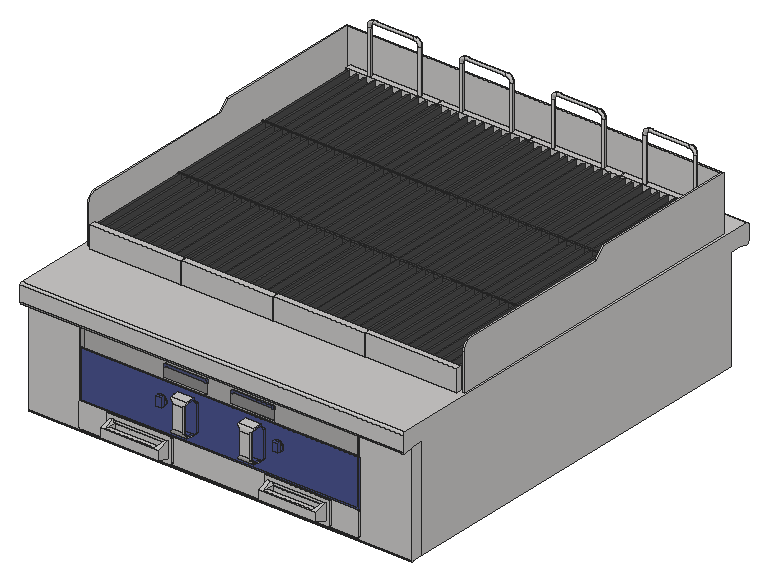
Revit family "QF_ELECTROLUXPROFESSIONAL_593300_MCDAAADOVO", category Specialty Equipment, Revit 2018
Family settings
  Round Connector Dimension = Use Diameter
  Part Type = Normal
  Work Plane-Based = No
  Always vertical = Yes
  Cut with Voids When Loaded = No
  Shared = No
  Room Calculation Point = No
Parameters (values of type "Standard")
  Weight = 65.00 kg
  Watts = 0 W
  Volts = 0 V
  URL Manufacturer = "http://professional.electrolux.com"
  URL = "http://professional.electrolux.com"
  Steam Supply Size = 0"
  Steam Supply Minimum Pressure = 0.00 psi
  Steam Supply Maximum Pressure = 0.00 psi
  Steam Pounds per Hour = 0
  Show Clearance [instance] = yes
  Refrigeration Suction Line Size = 0 mm
  Refrigeration Liquid Line Size = 0 mm
  Refrigerant Compressor Remote = yes
  Phase = 0
  Model = "MCDAAADOVO"
  Manufacturer = "Electrolux Professional"
  Length Actual = 400 mm  # constant formula
  Item Number = "593300"
  Hot Water Size = 0"
  Height Actual = 250 mm  # constant formula
  HP = "0 HP"
  Gas Size = 1/2"
  Gas KW = 9.5
  Gas Input Pressure = 0.776646 Btu/h
  Direct Waste Size = 0"
  Description = "GAS CHARGRILL,TOWNGAS,1S,400X900X250H"
  Depth Actual = 900 mm  # constant formula
  Cycle = 0 Hz
  Condensate Return Size = 0"
  Compressed Air Volume = 0 GPM
  Compressed Air Size = 0"
  Compressed Air Pressure = 0.00 psi
  Cold Water Size = 0"
  Accessory = yes
Reference planes
  plane 1 "BACK": y = 0
  plane 2: z = 0
  plane 3 "LEFT": x = 0
  plane 4 "RIGHT": x = 800
  plane 5 "FRONT": y = -900
  plane 6 "TOP": z = 250
  plane 7: x = 400
  plane 8: y = -450
  plane 9: y = -1330
Forms (mm)
  Extrusion 1, solid, material "QF_Finishes_Stainless Steel"
    sketch origin (0, -487.128, 0) x (0, 1, 0) y (0, 0, 1)
      loop
        line (483.128, 250) -> (-408.872, 250)
        arc (-408.872, 250) -> (-411.7, 248.828) -> (-412.872, 246) r 4
        line (-412.872, 246) -> (-412.872, 214)
        arc (-412.872, 214) -> (-411.443, 210.936) -> (-408.177, 210.061) r 4
        line (-408.177, 210.061) -> (-391.509, 213) -> (-366.872, 213) -> (-366.872, 0) -> (441.128, 0) -> (441.128, 213) -> (465.765, 213) -> (482.433, 210.061)
        arc (482.433, 210.061) -> (485.699, 210.936) -> (487.128, 214) r 4
        line (487.128, 214) -> (487.128, 246)
        arc (487.128, 246) -> (485.956, 248.828) -> (483.128, 250) r 4
    from 0 to 800
  Extrusion 2, solid, material "QF_Finishes_Stainless Steel"
    sketch origin (0, -854, 0) x (1, 0, 0) y (0, -1, 0)
      loop
        circle (760, -264) r 6.35
    from 0 to 3.2
  Extrusion 3, solid, material "QF_Clearances", visible <- "Show Clearance", detail levels coarse
    sketch origin (-178.969, -4572, 0) x (-1, 0, 0) y (0, -1, 0)
      loop
        line (-26.969, -3672) -> (-178.969, -3672) -> (-178.969, -4572) -> (-978.969, -4572) -> (-978.969, -3672) -> (-1130.969, -3672) -> (-1130.969, -4775) -> (-26.969, -4775) -> (-26.969, -3672)
    from 0 to 250
  Extrusion 4, solid, material "QF_Door-Drawer Clearances", visible <- "Show Clearance", detail levels coarse
    sketch origin (437.31, -881.593, 8.62) x (0, 0, 1) y (-1, 0, 0)
      loop
        line (1.973, -254.69) -> (49.317, -254.69)
        arc (49.317, -254.69) -> (50.776, -254.086) -> (51.38, -252.627) r 2.063
        line (51.38, -252.627) -> (51.38, 326.457)
        arc (51.38, 326.457) -> (50.88, 328.154) -> (49.541, 329.31) r 3.133
        line (49.541, 329.31) -> (3.067, 329.31)
        arc (3.067, 329.31) -> (0.898, 328.412) -> (0, 326.243) r 3.067
        line (0, 326.243) -> (0, -252.717)
        arc (0, -252.717) -> (0.578, -254.112) -> (1.973, -254.69) r 1.973
    from 0 to 448.407
Lines and regions (mm)
  symbolic lines
    curve 1: line (0, 0, 0) -> (800, 0, 0)
    curve 2: line (0, -900, 0) -> (0, 0, 0)
    curve 3: line (800, -900, 0) -> (0, -900, 0)
    curve 4: line (800, 0, 0) -> (800, -900, 0)
  symbolic lines, style "QF_Clearances", visible <- "Show Clearance", detail levels coarse
    curve 5: line (-152, 203, 0) -> (-152, -900, 0)
    curve 6: line (952, 203, 0) -> (-152, 203, 0)
    curve 7: line (952, -900, 0) -> (952, 203, 0)
  symbolic lines, style "QF_Door-Drawer Clearances"
    curve 8: line (108, -900, 0) -> (108, -1330, 0)
    curve 9: line (108, -1330, 0) -> (692, -1330, 0)
    curve 10: line (692, -1330, 0) -> (692, -900, 0)
Dimensions and locks
  plane 3 "LEFT" to plane 4 "RIGHT" = 800 mm
  plane 5 "FRONT" to plane 1 "BACK" = 900 mm
  equal spacing: plane 3 "LEFT", plane 7, plane 4 "RIGHT"
  equal spacing: plane 5 "FRONT", plane 8, plane 1 "BACK"
  plane 6 "TOP" to level = 250 mm  (x2)
  plane 1 "BACK" to plane 5 "FRONT" = 900 mm
  Extrusion 2 sketch curve to plane 1 "BACK" = 590 mm
  Extrusion 2 sketch curve to plane 4 "RIGHT" = 40 mm
  Extrusion 3 to plane 3 "LEFT" = 152 mm
  locked: plane 4 "RIGHT" to Extrusion 3 at 152
  plane 1 "BACK" to Extrusion 3 = 203 mm
  plane 9 to plane 5 "FRONT" = 430 mm
  aligned and locked: level to plane 2
  aligned and locked: plane 6 "TOP" to Extrusion 3
  aligned and locked: Extrusion 1 to plane 4 "RIGHT"
  aligned and locked: plane 7 to nested 1
Automatic sketch dimensions
  Extrusion 1 sketch curve to plane 5 "FRONT" = 0 mm
  Extrusion 1 sketch curve to plane 6 "TOP" = 0 mm
  Extrusion 1 sketch curve to level = 0 mm
  Extrusion 1 sketch curve to plane 1 "BACK" = 0 mm
  Extrusion 1 sketch curve to plane 6 "TOP" = 37 mm  (x2)
  Extrusion 1 sketch curve to plane 5 "FRONT" = 4 mm
  Extrusion 1 sketch curve to plane 5 "FRONT" = 21.363 mm
  Extrusion 1 sketch curve to Extrusion 1 sketch curve = 24.637 mm
  plane 1 "BACK" to Extrusion 1 sketch curve = 46 mm
  plane 1 "BACK" to Extrusion 1 sketch curve = 21.363 mm
  plane 1 "BACK" to Extrusion 1 sketch curve = 4 mm  (x2)
  Extrusion 1 sketch curve to Extrusion 1 sketch curve = 4 mm
  Extrusion 1 sketch curve to Extrusion 1 sketch curve = 0.695 mm
  Extrusion 1 sketch curve to Extrusion 1 sketch curve = 0 mm  (x4)
  plane 1 "BACK" to Extrusion 1 sketch curve = 4.695 mm
  Extrusion 1 sketch curve to Extrusion 1 sketch curve = 1 mm  (x2)
  plane 5 "FRONT" to Extrusion 3 sketch curve = 0 mm  (x2)
  plane 1 "BACK" to Extrusion 3 sketch curve = 0 mm
  Extrusion 3 sketch curve to plane 4 "RIGHT" = 0 mm
  Extrusion 3 sketch curve to plane 3 "LEFT" = 0 mm
  Extrusion 3 sketch curve to plane 1 "BACK" = 203 mm
  Extrusion 3 sketch curve to plane 4 "RIGHT" = 152 mm
  Extrusion 3 sketch curve to plane 3 "LEFT" = 152 mm
  curve 4 to plane 4 "RIGHT" = 0 mm
  plane 1 "BACK" to curve 1 = 0 mm
  curve 1 to plane 3 "LEFT" = 0 mm
  plane 5 "FRONT" to curve 4 = 0 mm
  plane 5 "FRONT" to curve 7 = 0 mm
  plane 5 "FRONT" to curve 5 = 0 mm
  curve 6 to plane 4 "RIGHT" = 152 mm
  curve 5 to plane 3 "LEFT" = 152 mm
  curve 7 to plane 1 "BACK" = 203 mm
  plane 5 "FRONT" to curve 8 = 0 mm
  plane 5 "FRONT" to curve 10 = 0 mm
  plane 3 "LEFT" to curve 8 = 108 mm
  plane 4 "RIGHT" to curve 10 = 108 mm
  curve 10 to curve 10 = 430 mm
  level to Extrusion 4 sketch curve = 8.62 mm
  level to Extrusion 4 sketch curve = 57.937 mm
  plane 4 "RIGHT" to Extrusion 4 sketch curve = 108 mm
  Extrusion 4 sketch curve to Extrusion 4 sketch curve = 1.973 mm
  Extrusion 4 sketch curve to Extrusion 4 sketch curve = 3.067 mm
  Extrusion 4 sketch curve to Extrusion 4 sketch curve = 46.474 mm
  Extrusion 4 sketch curve to Extrusion 4 sketch curve = 2.063 mm
  Extrusion 4 sketch curve to Extrusion 4 sketch curve = 1.293 mm
  plane 3 "LEFT" to Extrusion 4 sketch curve = 111.067 mm
  radius of Extrusion 2 sketch curve = 6.35 mm
Nested families
  nested 1: "FMGC_900_800 Front Panel two knobs" at (-200.158, -854, -650), type "FMGC_900_800 Front Panel two knobs"
    with Width 800 mm
  nested 2: "FMGC_900_CharGrill" at (138.888, -5, 0), type "FMGC_900_CharGrill"
    with Width 800 mm, No. of Rails 4, Grill Width 190 mm
Connectors
  piping at (760, -590, -3.2), diameter 12.8
    settings: on Extrusion 2, index 1, connector inside diameter 0.50394", connector length 0 mm, flow factor 0, pipe flow 0 GPM, pressure drop 0.00 psi, fitting loss kfactor 0, connector angle 0.00°, fixture units 0, engagement length 0 mm, angle of deflection 0.00°, flow configuration 1, flow direction 1, fitting loss method 0, system type 7, joint type 0, gender type 0, connector reference index -1, connector utility 0, adjustable connector no, is connector primary yes, connector description "GAS CONNECTION"
Definition of nested family "FMGC_900_800 Front Panel two knobs"
  Parameters
    Width [instance] = 800 mm
    Keynote = ""
  Reference planes
    plane 1 "Center (Front/Back)": y = 0
    plane 2: z = 0
    plane 3 "Center (Left/Right)": x = 200.158
    plane 4: x = 600.158
    plane 5: x = 530.079
    plane 6: x = 670.237
    plane 7: x = 1000.158
  Forms (mm)
    Extrusion 1, void
      sketch origin (1213.217, 829.203, -1.25) x (1, 0, 0) y (0, 0, 1)
        loop
          line (-321.059, 853.25) -> (-905.059, 853.25) -> (-905.059, 711.25) -> (-321.059, 711.25) -> (-321.059, 853.25)
      from 843.409 to 854.203
    Extrusion 2, solid
      sketch origin (1133.217, 829.203, -1.25) x (0, 1, 0) y (0, 0, 1)
        loop
          arc (-854.203, 654.25) -> (-853.324, 652.129) -> (-851.203, 651.25) r 3
          line (-851.203, 651.25) -> (-829.203, 651.25) -> (-829.203, 864.25) -> (-854.203, 864.25) -> (-854.203, 654.25)
      from -933.059 to -133.059
    Extrusion 3, solid
      sketch origin (520.816, -23.053, 847.184) x (0, 0, -1) y (1, 0, 0)
        loop
          circle (77.168, 200.901) r 11
      from 0 to 3.2
    Extrusion 4, solid
      sketch origin (520.816, -26.253, 847.184) x (0, 0, -1) y (1, 0, 0)
        loop
          line (67.962, 195.586) -> (86.297, 195.586) -> (86.297, 206.217) -> (67.962, 206.217) -> (67.962, 195.586)
      from 0 to 6.4
    Extrusion 5, solid
      sketch origin (679.5, -23.053, 847.184) x (0, 0, -1) y (1, 0, 0)
        loop
          circle (77.168, -200.901) r 11
      from 0 to 3.2
    Extrusion 6, solid
      sketch origin (679.5, -26.253, 847.184) x (0, 0, -1) y (1, 0, 0)
        loop
          line (67.962, -195.586) -> (67.962, -206.217) -> (86.297, -206.217) -> (86.297, -195.586) -> (67.962, -195.586)
      from 0 to 6.4
  Cuts and joins
    Extrusion 1 cuts Extrusion 2
  Lines and regions (mm)
    symbolic lines
      curve 1: line (384.141, -54.767, 0) -> (382.563, -46, 0)
      curve 2: line (384.141, -54.767, 0) -> (486.575, -54.767, 0)
      curve 3: line (486.575, -54.767, 0) -> (488.153, -46, 0)
      curve 4: line (713.74, -54.767, 0) -> (712.163, -46, 0)
      curve 5: line (816.175, -54.767, 0) -> (713.74, -54.767, 0)
      curve 6: line (816.175, -54.767, 0) -> (817.752, -46, 0)
      curve 7: line (514.26, -46, 0) -> (519.866, -47.583, 0)
      curve 8: line (519.866, -47.583, 0) -> (540.795, -47.583, 0)
      curve 9: line (540.795, -47.583, 0) -> (545.973, -46, 0)
      curve 10: line (686.055, -46, 0) -> (680.449, -47.583, 0)
      curve 11: line (680.449, -47.583, 0) -> (659.521, -47.583, 0)
      curve 12: line (659.521, -47.583, 0) -> (654.343, -46, 0)
  Dimensions and locks
    equal spacing: plane 7, plane 4, plane 3 "Center (Left/Right)"
    "Width": plane 7 to plane 3 "Center (Left/Right)"
    equal spacing: plane 6, plane 4, plane 5
    Extrusion 1 sketch curve to plane 4 to Extrusion 1 sketch curve = 292 mm locked, 292 mm locked
    aligned and locked: Extrusion 1 to nested 3
    aligned and locked: plane 6 to nested 2
    aligned and locked: cut or joined group of Extrusion 1, Extrusion 2 to plane 7
    aligned and locked: cut or joined group of Extrusion 1, Extrusion 2 to plane 3 "Center (Left/Right)"
  Automatic sketch dimensions
    Extrusion 4 sketch curve to Extrusion 4 sketch curve = 18.335 mm
    Extrusion 4 sketch curve to Extrusion 4 sketch curve = 10.631 mm
    Extrusion 6 sketch curve to Extrusion 6 sketch curve = 18.335 mm
    Extrusion 6 sketch curve to Extrusion 6 sketch curve = 10.631 mm
    plane 1 "Center (Front/Back)" to curve 2 = 54.767 mm
    curve 2 to plane 5 = 145.938 mm
    plane 1 "Center (Front/Back)" to curve 5 = 54.767 mm
    curve 2 to plane 5 = 43.504 mm
    curve 8 to plane 5 = 10.213 mm
    plane 5 to curve 8 = 10.716 mm
    curve 11 to plane 6 = 10.716 mm
    plane 6 to curve 10 = 10.213 mm
    curve 10 to curve 4 = 33.291 mm
    curve 4 to curve 5 = 102.435 mm
    plane 1 "Center (Front/Back)" to curve 1 = 46 mm
    curve 1 to curve 1 = 1.578 mm
    curve 2 to curve 3 = 1.578 mm
    curve 7 to curve 7 = 5.606 mm
    curve 8 to curve 9 = 5.178 mm
    curve 12 to curve 11 = 5.178 mm
    curve 10 to curve 10 = 5.606 mm
    curve 4 to curve 4 = 1.578 mm
    plane 1 "Center (Front/Back)" to curve 6 = 46 mm
    curve 5 to curve 6 = 1.578 mm
    plane 1 "Center (Front/Back)" to curve 12 = 47.583 mm
    plane 1 "Center (Front/Back)" to curve 9 = 47.583 mm
    curve 7 to curve 7 = 1.583 mm
    curve 8 to curve 9 = 1.583 mm
    curve 2 to curve 3 = 8.767 mm
    curve 10 to curve 10 = 1.583 mm
    curve 4 to curve 4 = 8.767 mm
    curve 11 to curve 12 = 1.583 mm
    level to Extrusion 1 sketch curve = 710 mm
    Extrusion 1 sketch curve to Extrusion 1 sketch curve = 142 mm
    Extrusion 2 sketch curve to plane 1 "Center (Front/Back)" = 0 mm
    level to Extrusion 2 sketch curve = 650 mm
    Extrusion 2 sketch curve to Extrusion 2 sketch curve = 22 mm
    Extrusion 2 sketch curve to Extrusion 2 sketch curve = 3 mm
    Extrusion 2 sketch curve to Extrusion 2 sketch curve = 210 mm
    plane 6 to Extrusion 3 sketch curve = 51.48 mm
    level to Extrusion 3 sketch curve = 770.016 mm
    Extrusion 5 sketch curve to plane 5 = 51.48 mm
    level to Extrusion 5 sketch curve = 770.016 mm
    radius of Extrusion 3 sketch curve = 11 mm
    radius of Extrusion 5 sketch curve = 11 mm
  Nested families
    nested 1: "FMGC_Sml  Range Control Handle" at (530.079, -26.645, -204.867), type "FMGC_Sml  Range Control Handle"
    nested 2: "FMGC_Sml  Range Control Handle" at (670.237, -26.645, -204.867), type "FMGC_Sml  Range Control Handle"
    nested 3: "800 Glass Control Pannel with two reads" at (308.158, -26.645, 5.811), type "800 Glass Control Pannel with two reads"
    nested 4: "FMGC_grease trap door" at (892.158, -25, 0.608) x (-1, 0, 0) z (0, 0, 1), type "FMGC_grease trap door"
  Definition of nested family "FMGC_Sml  Range Control Handle"
    Reference planes
      plane 1 "Center (Front/Back)": y = 0
      plane 2: z = 0
      plane 3 "Center (Left/Right)": x = 0
      plane 4: z = 971.092
    Forms (mm)
      Extrusion 1, solid
        sketch origin (-746.28, 380.497, 208.931) x (-1, 0, 0) y (0, 0, 1)
          loop
            line (-770.101, 786.798) -> (-770.101, 731.649)
            arc (-770.101, 731.649) -> (-769.759, 730.563) -> (-768.855, 729.87) r 1.893
            line (-768.855, 729.87) -> (-763.474, 727.911) -> (-729.81, 727.911) -> (-724.428, 729.87)
            arc (-724.428, 729.87) -> (-723.525, 730.563) -> (-723.183, 731.649) r 1.893
            line (-723.183, 731.649) -> (-723.183, 786.798)
            arc (-723.183, 786.798) -> (-723.529, 787.894) -> (-724.44, 788.593) r 1.91
            line (-724.44, 788.593) -> (-729.683, 790.819) -> (-763.601, 790.819) -> (-768.844, 788.593)
            arc (-768.844, 788.593) -> (-769.755, 787.894) -> (-770.101, 786.798) r 1.91
        from -382.35 to -378.852
      Sweep 2, solid
        path origin (-746.788, 380.496, 208.091) x (0, -1, 0) y (0, 0, 1)
          loop
            line (379.775, 793.281) -> (395.661, 791.048)
            arc (395.661, 791.048) -> (397.781, 787.377) -> (398.517, 783.202) r 12.207
            line (398.517, 783.202) -> (398.517, 737.368)
            arc (398.517, 737.368) -> (397.781, 733.193) -> (395.661, 729.522) r 12.207
            line (395.661, 729.522) -> (379.775, 727.289)
        profile origin (-746.788, -7.222, 1000.256) x (0, -0.139173, 0.990268) y (-1, 0, 0)
          loop
            line (0.782, -763.123) -> (0.782, -730.907) -> (-1.322, -730.907) -> (-1.322, -763.123) -> (0.782, -763.123)
      Sweep 3, solid
        path origin (-746.788, 380.715, 207.832) x (0, -1, 0) y (0, 0, 1)
          loop
            line (380.478, 795.442) -> (397.218, 793.09)
            arc (397.218, 793.09) -> (399.929, 788.473) -> (400.871, 783.202) r 15.207
            line (400.871, 783.202) -> (400.871, 737.584)
            arc (400.871, 737.584) -> (399.914, 732.274) -> (397.164, 727.633) r 15.207
            line (397.164, 727.633) -> (380.601, 725.305)
        profile origin (-746.788, -8.132, 1002.099) x (0, -0.139173, 0.990268) y (-1, 0, 0)
          loop
            line (0.782, -763.123) -> (0.782, -730.907) -> (-1.322, -730.907) -> (-1.322, -763.123) -> (0.782, -763.123)
      Extrusion 4, void
        sketch origin (889.253, 220.666, 207.993) x (1, 0, 0) y (0, 0, 1)
          loop
            line (-943.038, 816.854) -> (-943.038, 703.686) -> (-899.466, 734.196) -> (-899.466, 786.344) -> (-943.038, 816.854)
        from 230.636 to 242.25
      Extrusion 5, void
        sketch origin (-888.8, 220.666, 207.993) x (-1, 0, 0) y (0, 0, -1)
          loop
            line (-943.038, -816.854) -> (-899.466, -786.344) -> (-899.466, -734.196) -> (-943.038, -703.686) -> (-943.038, -816.854)
        from 230.636 to 242.25
      Extrusion 6, solid
        sketch origin (0, 0, 0) x (1, 0, 0) y (0, 0, 1)
          loop
            circle (0, 971.092) r 7.736
        from -3.137 to -1.645
    Cuts and joins
      Extrusion 4, Extrusion 5 cuts Sweep 3
      Extrusion 4, Extrusion 5 cuts Sweep 2
      joined: Extrusion 1, Extrusion 6
    Lines and regions (mm)
      symbolic lines
        curve 1: line (23.821, 1.645, 0) -> (-23.097, 1.645, 0)
        curve 2: line (16.334, -1.853, 0) -> (23.821, -1.853, 0)
        curve 3: line (-15.881, -19.189, 0) -> (-15.881, -1.853, 0)
        curve 4: line (-23.097, -1.853, 0) -> (-15.881, -1.853, 0)
        curve 5: line (16.334, -19.189, 0) -> (16.334, -1.853, 0)
        curve 6: spline (-15.881, -19.189, 0) -> (-15.417, -19.349, 0) -> (-14.951, -19.501, 0) -> (-14.483, -19.646, 0) -> (-14.014, -19.783, 0) -> (-13.543, -19.912, 0) -> (-13.071, -20.033, 0) -> (-12.597, -20.146, 0) -> (-12.122, -20.251, 0) -> (-11.646, -20.349, 0) -> (-11.169, -20.438, 0) -> (-10.691, -20.52, 0) -> (-10.213, -20.593, 0)
        curve 7: spline (10.666, -20.593, 0) -> (11.144, -20.52, 0) -> (11.622, -20.438, 0) -> (12.099, -20.349, 0) -> (12.575, -20.251, 0) -> (13.05, -20.146, 0) -> (13.524, -20.033, 0) -> (13.996, -19.912, 0) -> (14.467, -19.783, 0) -> (14.936, -19.646, 0) -> (15.404, -19.501, 0) -> (15.87, -19.349, 0) -> (16.334, -19.189, 0)
        curve 8: line (-10.213, -20.938, 0) -> (10.716, -20.938, 0)
        curve 9: line (-23.097, 1.645, 0) -> (-23.097, -1.853, 0)
        curve 10: line (23.821, 1.645, 0) -> (23.821, -1.853, 0)
    Dimensions and locks
      cut or joined group of Sweep 3, Extrusion 4, Extrusion 5 to cut or joined group of Sweep 3, Extrusion 4, Extrusion 5 = 71.686 mm
  Definition of nested family "800 Glass Control Pannel with two reads"
    Reference planes
      plane 1 "Center (Front/Back)": y = 0
      plane 2: z = 0
      plane 3 "Center (Left/Right)": x = 0
      plane 4: x = 584
      plane 5: x = 581.091
      plane 6 "Top": z = 846.189
      plane 7 "Center": x = 292
      plane 8: x = 362
      plane 9: x = 222
    Forms (mm)
      Extrusion 1, solid
        sketch origin (550.286, 304.8, -4.308) x (1, 0, 0) y (0, 0, 1)
          loop
            line (-550.286, 806.791) -> (-550.286, 708.497) -> (33.714, 708.497) -> (33.714, 806.791) -> (-550.286, 806.791)
        from 300.031 to 304.8
      Extrusion 2, solid
        sketch origin (550.286, 304.8, -4.308) x (1, 0, 0) y (0, 0, 1)
          loop
            line (-550.286, 850.497) -> (-550.286, 806.791) -> (33.714, 806.791) -> (33.714, 850.497) -> (-550.286, 850.497)
        from 300.031 to 304.8
      Extrusion 3, void
        sketch origin (550.286, 304.8, -4.308) x (1, 0, 0) y (0, 0, 1)
          loop
            line (-547.628, 847.565) -> (-547.628, 710.699) -> (30.804, 710.699) -> (30.804, 847.565) -> (-547.628, 847.565)
        from 303.697 to 304.8
      Extrusion 4, solid, not visible
        sketch origin (493.319, 305.901, -4.308) x (1, 0, 0) y (0, 0, 1)
          loop
            line (-96.074, 812.62) -> (-96.074, 834.177) -> (-100.807, 834.177) -> (-102.607, 835.977) -> (-181.357, 835.977) -> (-183.157, 834.177) -> (-188.074, 834.177) -> (-188.074, 812.62) -> (-96.074, 812.62)
        from 304.798 to 306.745
      Extrusion 5, solid, not visible
        sketch origin (493.319, 305.901, -4.308) x (1, 0, 0) y (0, 0, 1)
          loop
            line (-183.059, 834.177) -> (-181.26, 835.977) -> (-102.627, 835.977) -> (-100.827, 834.177) -> (-96.116, 834.177)
            arc (-96.116, 834.177) -> (-97.293, 838.752) -> (-101.568, 840.763) r 5.549
            line (-101.568, 840.763) -> (-182.476, 840.763)
            arc (-182.476, 840.763) -> (-186.732, 838.747) -> (-187.868, 834.177) r 5.5
            line (-187.868, 834.177) -> (-183.059, 834.177)
        from 304.798 to 306.745
      Extrusion 6, solid
        sketch origin (425.389, 305.901, -4.308) x (1, 0, 0) y (0, 0, 1)
          loop
            line (-17.411, 812.62) -> (-17.411, 834.177) -> (-22.144, 834.177) -> (-23.944, 835.977) -> (-102.694, 835.977) -> (-104.494, 834.177) -> (-109.411, 834.177) -> (-109.411, 812.62) -> (-17.411, 812.62)
        from 304.798 to 306.745
      Extrusion 7, solid
        sketch origin (425.389, 305.901, -4.308) x (1, 0, 0) y (0, 0, 1)
          loop
            line (-104.396, 834.177) -> (-102.597, 835.977) -> (-23.964, 835.977) -> (-22.164, 834.177) -> (-17.453, 834.177)
            arc (-17.453, 834.177) -> (-18.63, 838.752) -> (-22.905, 840.763) r 5.549
            line (-22.905, 840.763) -> (-103.813, 840.763)
            arc (-103.813, 840.763) -> (-108.069, 838.747) -> (-109.205, 834.177) r 5.5
            line (-109.205, 834.177) -> (-104.396, 834.177)
        from 304.798 to 306.745
      Extrusion 8, solid
        sketch origin (561.21, 305.901, -4.308) x (1, 0, 0) y (0, 0, 1)
          loop
            line (-385.188, 812.62) -> (-293.188, 812.62) -> (-293.188, 834.177) -> (-298.105, 834.177) -> (-299.905, 835.977) -> (-378.655, 835.977) -> (-380.455, 834.177) -> (-385.188, 834.177) -> (-385.188, 812.62)
        from 304.798 to 306.745
      Extrusion 9, solid
        sketch origin (561.21, 305.901, -4.308) x (1, 0, 0) y (0, 0, 1)
          loop
            line (-298.203, 834.177) -> (-293.394, 834.177)
            arc (-293.394, 834.177) -> (-294.53, 838.747) -> (-298.786, 840.763) r 5.5
            line (-298.786, 840.763) -> (-379.695, 840.763)
            arc (-379.695, 840.763) -> (-383.97, 838.752) -> (-385.146, 834.177) r 5.549
            line (-385.146, 834.177) -> (-380.435, 834.177) -> (-378.636, 835.977) -> (-300.003, 835.977) -> (-298.203, 834.177)
        from 304.798 to 306.745
    Cuts and joins
      Extrusion 3 cuts Extrusion 1
      Extrusion 3 cuts Extrusion 2
    Lines and regions (mm)
      symbolic lines
        curve 1: line (0, 4.769, 0) -> (584, 4.769, 0)
    Dimensions and locks
      plane 7 "Center" to plane 9 = 70 mm
      plane 8 to plane 7 "Center" = 70 mm
      aligned and locked: Extrusion 1 to Extrusion 2
      aligned and locked: Extrusion 6 to Extrusion 7
      aligned and locked: Extrusion 8 to Extrusion 9
  Definition of nested family "FMGC_grease trap door"
    Reference planes
      plane 1 "Center (Front/Back)": y = 0
      plane 2: z = 0
      plane 3 "Center (Left/Right)": x = 0
      plane 4: x = 584
      plane 5: x = 292
    Forms (mm)
      Extrusion 1, solid
        sketch origin (1686.556, 854.203, -1.25) x (1, 0, 0) y (0, 0, 1)
          loop
            arc (-1627.55, 661.235) -> (-1626.972, 659.84) -> (-1625.577, 659.262) r 1.973
            line (-1625.577, 659.262) -> (-1494.325, 659.262)
            arc (-1494.325, 659.262) -> (-1492.156, 660.16) -> (-1491.258, 662.329) r 3.067
            line (-1491.258, 662.329) -> (-1491.258, 708.803)
            arc (-1491.258, 708.803) -> (-1492.414, 710.143) -> (-1494.111, 710.642) r 3.133
            line (-1494.111, 710.642) -> (-1625.486, 710.642)
            arc (-1625.486, 710.642) -> (-1626.945, 710.038) -> (-1627.55, 708.579) r 2.063
            line (-1627.55, 708.579) -> (-1627.55, 661.235)
        from 856.795 to 859.203
      Extrusion 2, solid
        sketch origin (504.88, 2476.61, 0) x (0, 1, 0) y (0, 0, 1)
          loop
            line (-2506.377, 675.273) -> (-2481.61, 667.505) -> (-2481.61, 700.995) -> (-2506.377, 693.227) -> (-2506.377, 675.273)
        from -437.68 to -317.68
      Extrusion 3, void
        sketch origin (1686.556, 854.203, -1.25) x (1, 0, 0) y (0, 0, 1)
          loop
            line (-1614.883, 703) -> (-1610.542, 695.433) -> (-1508.17, 695.433) -> (-1503.828, 703) -> (-1614.883, 703)
          loop
            line (-1614.883, 668) -> (-1502.669, 668) -> (-1507.01, 675.567) -> (-1610.542, 675.567) -> (-1614.883, 668)
        from 832.916 to 883.97
      Extrusion 4, void
        sketch origin (506.556, 854.203, -1.25) x (1, 0, 0) y (0, 0, 1)
          loop
            line (-430.542, 695.433) -> (-430.542, 675.567) -> (-328.17, 675.567) -> (-328.17, 695.433) -> (-430.542, 695.433)
        from 859.203 to 874.202
      Extrusion 5, solid
        sketch origin (1731.556, 854.203, -1.25) x (1, 0, 0) y (0, 0, 1)
          loop
            arc (-1731.556, 661.235) -> (-1730.978, 659.84) -> (-1729.583, 659.262) r 1.973
            line (-1729.583, 659.262) -> (-1150.623, 659.262)
            arc (-1150.623, 659.262) -> (-1148.454, 660.16) -> (-1147.556, 662.329) r 3.067
            line (-1147.556, 662.329) -> (-1147.556, 708.803)
            arc (-1147.556, 708.803) -> (-1148.712, 710.143) -> (-1150.409, 710.642) r 3.133
            line (-1150.409, 710.642) -> (-1729.493, 710.642)
            arc (-1729.493, 710.642) -> (-1730.952, 710.038) -> (-1731.556, 708.579) r 2.063
            line (-1731.556, 708.579) -> (-1731.556, 661.235)
        from 854.203 to 856.795
      Extrusion 6, solid
        sketch origin (-1102.556, 854.203, -1.25) x (-1, 0, 0) y (0, 0, -1)
          loop
            line (-1627.55, -661.235) -> (-1627.55, -708.579)
            arc (-1627.55, -708.579) -> (-1626.945, -710.038) -> (-1625.486, -710.642) r 2.063
            line (-1625.486, -710.642) -> (-1494.111, -710.642)
            arc (-1494.111, -710.642) -> (-1492.414, -710.143) -> (-1491.258, -708.803) r 3.133
            line (-1491.258, -708.803) -> (-1491.258, -662.329)
            arc (-1491.258, -662.329) -> (-1492.156, -660.16) -> (-1494.325, -659.262) r 3.067
            line (-1494.325, -659.262) -> (-1625.577, -659.262)
            arc (-1625.577, -659.262) -> (-1626.972, -659.84) -> (-1627.55, -661.235) r 1.973
        from 856.795 to 859.203
      Extrusion 7, solid
        sketch origin (79.12, 2476.61, 0) x (0, 1, 0) y (0, 0, -1)
          loop
            line (-2506.377, -675.273) -> (-2506.377, -693.227) -> (-2481.61, -700.995) -> (-2481.61, -667.505) -> (-2506.377, -675.273)
        from -437.68 to -317.68
      Extrusion 8, void
        sketch origin (-1102.556, 854.203, -1.25) x (-1, 0, 0) y (0, 0, -1)
          loop
            line (-1614.883, -703) -> (-1503.828, -703) -> (-1508.17, -695.433) -> (-1610.542, -695.433) -> (-1614.883, -703)
          loop
            line (-1614.883, -668) -> (-1610.542, -675.567) -> (-1507.01, -675.567) -> (-1502.669, -668) -> (-1614.883, -668)
        from 832.916 to 883.97
      Extrusion 9, void
        sketch origin (77.444, 854.203, -1.25) x (-1, 0, 0) y (0, 0, -1)
          loop
            line (-430.542, -695.433) -> (-328.17, -695.433) -> (-328.17, -675.567) -> (-430.542, -675.567) -> (-430.542, -695.433)
        from 859.203 to 874.202
    Cuts and joins
      Extrusion 3, Extrusion 8, Extrusion 9 cuts Extrusion 1
      Extrusion 3, Extrusion 4, Extrusion 8, Extrusion 9 cuts Extrusion 2
      joined: Extrusion 1, Extrusion 2
      Extrusion 8 cuts Extrusion 6
      Extrusion 8, Extrusion 9 cuts Extrusion 7
    Lines and regions (mm)
      symbolic lines
        curve 1: line (0, -2.593, 0) -> (136.292, -2.593, 0)
        curve 2: line (75.983, -29.767, 0) -> (71.093, -2.593, 0)
        curve 3: line (75.983, -29.767, 0) -> (178.418, -29.767, 0)
        curve 4: line (178.418, -29.767, 0) -> (183.308, -2.593, 0)
        curve 5: line (68.146, -2.593, 0) -> (68.146, -29.767, 0)
        curve 8: line (508.017, -29.767, 0) -> (512.907, -2.593, 0)
        curve 9: line (508.017, -29.767, 0) -> (405.582, -29.767, 0)
        curve 10: line (405.582, -29.767, 0) -> (400.692, -2.593, 0)
      model lines
        curve 6: line (126.605, 0, 658.012) -> (126.605, 0, 709.392)
        curve 7: line (457.395, 0, 658.012) -> (457.395, 0, 709.392)
    Dimensions and locks
      plane 4 to plane 3 "Center (Left/Right)" = 584 mm
      equal spacing: plane 4, plane 5, plane 3 "Center (Left/Right)"
      aligned and locked: Extrusion 2 to Extrusion 1
      aligned and locked: Extrusion 3 to Extrusion 2
      aligned and locked: Extrusion 4 to Extrusion 1
      aligned and locked: Extrusion 6 to Extrusion 7
      aligned and locked: Extrusion 7 to Extrusion 8
      aligned and locked: Extrusion 6 to Extrusion 9
    Automatic sketch dimensions
      plane 3 "Center (Left/Right)" to curve 6 = 126.605 mm
      curve 7 to plane 4 = 126.605 mm
      level to curve 7 = 658.012 mm
      curve 6 to curve 7 = 0 mm
      curve 7 to curve 7 = 51.38 mm
      curve 6 to curve 6 = 51.38 mm
      plane 3 "Center (Left/Right)" to Extrusion 1 sketch curve = 59.006 mm
      plane 3 "Center (Left/Right)" to Extrusion 1 sketch curve = 60.979 mm
      level to Extrusion 1 sketch curve = 658.012 mm
      Extrusion 1 sketch curve to Extrusion 1 sketch curve = 2.063 mm
      Extrusion 1 sketch curve to plane 5 = 99.769 mm
      Extrusion 1 sketch curve to Extrusion 1 sketch curve = 0.214 mm
      Extrusion 1 sketch curve to Extrusion 1 sketch curve = 3.067 mm
      Extrusion 1 sketch curve to Extrusion 1 sketch curve = 47.344 mm
      Extrusion 1 sketch curve to Extrusion 1 sketch curve = 1.839 mm
      plane 3 "Center (Left/Right)" to Extrusion 3 sketch curve = 71.673 mm  (x2)
      level to Extrusion 3 sketch curve = 666.75 mm
      Extrusion 3 sketch curve to Extrusion 3 sketch curve = 4.341 mm  (x4)
      Extrusion 3 sketch curve to Extrusion 3 sketch curve = 102.372 mm
      Extrusion 3 sketch curve to Extrusion 3 sketch curve = 1.16 mm
      Extrusion 3 sketch curve to Extrusion 3 sketch curve = 7.567 mm  (x2)
      Extrusion 3 sketch curve to Extrusion 3 sketch curve = 19.866 mm
      plane 3 "Center (Left/Right)" to Extrusion 4 sketch curve = 76.014 mm
      level to Extrusion 4 sketch curve = 674.317 mm
      Extrusion 4 sketch curve to Extrusion 4 sketch curve = 102.372 mm
      Extrusion 4 sketch curve to Extrusion 4 sketch curve = 19.866 mm
      Extrusion 5 sketch curve to plane 3 "Center (Left/Right)" = 0 mm
      Extrusion 5 sketch curve to plane 4 = 0 mm
      plane 3 "Center (Left/Right)" to Extrusion 5 sketch curve = 1.973 mm
      level to Extrusion 5 sketch curve = 658.012 mm
      plane 3 "Center (Left/Right)" to Extrusion 5 sketch curve = 2.063 mm
      Extrusion 5 sketch curve to plane 4 = 3.067 mm
      Extrusion 5 sketch curve to plane 4 = 2.853 mm
      Extrusion 5 sketch curve to Extrusion 5 sketch curve = 47.344 mm
      Extrusion 5 sketch curve to Extrusion 5 sketch curve = 1.839 mm
      Extrusion 6 sketch curve to plane 4 = 59.006 mm
      plane 5 to Extrusion 6 sketch curve = 99.555 mm
      level to Extrusion 6 sketch curve = 709.392 mm
      Extrusion 6 sketch curve to Extrusion 6 sketch curve = 1.973 mm
      Extrusion 6 sketch curve to Extrusion 6 sketch curve = 2.063 mm
      Extrusion 6 sketch curve to Extrusion 6 sketch curve = 0.214 mm
      Extrusion 6 sketch curve to Extrusion 6 sketch curve = 3.067 mm
      Extrusion 6 sketch curve to Extrusion 6 sketch curve = 1.839 mm
      Extrusion 6 sketch curve to Extrusion 6 sketch curve = 45.181 mm
      Extrusion 8 sketch curve to plane 4 = 71.673 mm
      level to Extrusion 8 sketch curve = 701.75 mm
      Extrusion 8 sketch curve to Extrusion 8 sketch curve = 0 mm
      Extrusion 8 sketch curve to Extrusion 8 sketch curve = 4.341 mm  (x4)
      Extrusion 8 sketch curve to Extrusion 8 sketch curve = 102.372 mm
      Extrusion 8 sketch curve to Extrusion 8 sketch curve = 1.16 mm
      Extrusion 8 sketch curve to Extrusion 8 sketch curve = 7.567 mm  (x2)
      Extrusion 8 sketch curve to Extrusion 8 sketch curve = 19.866 mm
      Extrusion 9 sketch curve to plane 4 = 76.014 mm
      plane 5 to Extrusion 9 sketch curve = 113.614 mm
      level to Extrusion 9 sketch curve = 694.183 mm
      Extrusion 9 sketch curve to Extrusion 9 sketch curve = 19.866 mm
      plane 1 "Center (Front/Back)" to curve 2 = 29.767 mm
      plane 3 "Center (Left/Right)" to curve 2 = 75.983 mm
      plane 1 "Center (Front/Back)" to curve 10 = 29.767 mm
      curve 1 to plane 3 "Center (Left/Right)" = 0 mm
      curve 2 to curve 4 = 102.435 mm
      plane 5 to curve 9 = 113.582 mm
      curve 8 to plane 4 = 75.983 mm
      curve 5 to curve 2 = 7.837 mm
      plane 1 "Center (Front/Back)" to curve 2 = 2.593 mm
      curve 5 to curve 2 = 2.947 mm
      curve 1 to curve 3 = 42.126 mm
      plane 1 "Center (Front/Back)" to curve 4 = 2.593 mm
      curve 3 to curve 4 = 4.89 mm
      plane 1 "Center (Front/Back)" to curve 10 = 2.593 mm
      curve 10 to curve 9 = 4.89 mm
      plane 1 "Center (Front/Back)" to curve 8 = 2.593 mm
      curve 9 to curve 8 = 4.89 mm
      curve 5 to curve 2 = 0 mm
      plane 1 "Center (Front/Back)" to Extrusion 2 sketch curve = 29.767 mm
      plane 1 "Center (Front/Back)" to Extrusion 2 sketch curve = 5 mm
      level to Extrusion 2 sketch curve = 667.505 mm
      Extrusion 2 sketch curve to Extrusion 2 sketch curve = 7.768 mm  (x2)
      Extrusion 2 sketch curve to Extrusion 2 sketch curve = 17.953 mm
      plane 1 "Center (Front/Back)" to Extrusion 7 sketch curve = 29.767 mm
      plane 1 "Center (Front/Back)" to Extrusion 7 sketch curve = 5 mm
      level to Extrusion 7 sketch curve = 700.995 mm
      Extrusion 7 sketch curve to Extrusion 7 sketch curve = 7.768 mm  (x2)
      Extrusion 7 sketch curve to Extrusion 7 sketch curve = 17.953 mm
Definition of nested family "FMGC_900_CharGrill"
  Parameters
    Width [instance] = 400 mm
    No. of Rails [instance] = 2
    Grill Width [instance] = 180 mm
  Reference planes
    plane 1 "Center (Front/Back)": y = 0
    plane 2: z = 0
    plane 3 "Center (Left/Right)": x = -138.888
    plane 4: y = -900
    plane 5: x = 261.112
    plane 6: x = 61.112
    plane 7: y = -450
    plane 8: z = 250
    plane 9: x = -132.538
    plane 10: x = 254.762
    plane 11: y = -53.75
  Forms (mm)
    Extrusion 1, solid
      sketch origin (-132.538, 36.469, 1219.2) x (0, 1, 0) y (0, 0, 1)
        loop
          line (-90.219, -969.2) -> (-90.219, -854.2) -> (-400.219, -854.2) -> (-419.147, -873.128) -> (-744.324, -873.128)
          arc (-744.324, -873.128) -> (-758.466, -878.986) -> (-764.324, -893.128) r 20
          line (-764.324, -893.128) -> (-764.324, -969.2) -> (-90.219, -969.2)
      from 0 to 3.2
    Extrusion 2, solid
      sketch origin (254.762, 36.469, 1219.2) x (0, 1, 0) y (0, 0, -1)
        loop
          line (-90.219, 969.2) -> (-764.324, 969.2) -> (-764.324, 893.128)
          arc (-764.324, 893.128) -> (-758.466, 878.986) -> (-744.324, 873.128) r 20
          line (-744.324, 873.128) -> (-419.147, 873.128) -> (-400.219, 854.2) -> (-90.219, 854.2) -> (-90.219, 969.2)
      from 0 to 3.2
    Extrusion 3, solid
      sketch origin (-132.538, -53.75, 1219.2) x (-1, 0, 0) y (0, 0, 1)
        loop
          line (-387.3, -854.2) -> (-387.3, -969.2) -> (0, -969.2) -> (0, -854.2) -> (-387.3, -854.2)
      from 0 to 3.2
  Cuts and joins
    joined: Extrusion 1, Extrusion 2, Extrusion 3
  Lines and regions (mm)
    symbolic lines
      curve 1: line (254.762, -50.55, 0) -> (-132.538, -50.55, 0)
      curve 2: line (-132.538, -50.55, 0) -> (-132.538, -363.75, 0)
      curve 3: line (-132.538, -363.75, 0) -> (-129.338, -363.75, 0)
      curve 4: line (-129.338, -363.75, 0) -> (-129.338, -53.75, 0)
      curve 5: line (-129.338, -53.75, 0) -> (251.562, -53.75, 0)
      curve 6: line (251.562, -53.75, 0) -> (251.562, -363.75, 0)
      curve 7: line (251.562, -363.75, 0) -> (254.762, -363.75, 0)
      curve 8: line (254.762, -363.75, 0) -> (254.762, -50.55, 0)
  Dimensions and locks
    "Width": plane 3 "Center (Left/Right)" to plane 5
    plane 4 to plane 1 "Center (Front/Back)" = 900 mm
    equal spacing: plane 3 "Center (Left/Right)", plane 6, plane 5
    equal spacing: plane 4, plane 7, plane 1 "Center (Front/Back)"
    plane 8 to level = 250 mm
    locked: plane 3 "Center (Left/Right)" to plane 9 at 6.35
    locked: plane 10 to plane 5 at 6.35
    locked: nested 1 to plane 3 "Center (Left/Right)" at 17.5
    group 1 to group 2 = 185 mm
    group 1 to group 2 = 0 mm  (x2)
    locked: plane 5 to nested 2 at 17.5
  Automatic sketch dimensions
    Extrusion 1 sketch curve to plane 8 = 0 mm
    Extrusion 1 sketch curve to plane 4 = 172.145 mm
    plane 8 to Extrusion 1 sketch curve = 76.072 mm
    Extrusion 1 sketch curve to Extrusion 1 sketch curve = 20 mm
    plane 7 to Extrusion 1 sketch curve = 67.322 mm
    Extrusion 1 sketch curve to Extrusion 1 sketch curve = 18.928 mm  (x2)
    plane 1 "Center (Front/Back)" to Extrusion 1 sketch curve = 53.75 mm
    Extrusion 2 sketch curve to plane 8 = 0 mm
    plane 4 to Extrusion 2 sketch curve = 172.145 mm
    Extrusion 2 sketch curve to plane 8 = 76.072 mm
    Extrusion 2 sketch curve to Extrusion 2 sketch curve = 20 mm
    Extrusion 2 sketch curve to plane 7 = 67.322 mm
    Extrusion 2 sketch curve to Extrusion 2 sketch curve = 18.928 mm  (x2)
    Extrusion 2 sketch curve to plane 1 "Center (Front/Back)" = 53.75 mm
    Extrusion 3 sketch curve to plane 8 = 0 mm
    plane 10 to Extrusion 3 sketch curve = 0 mm
    Extrusion 3 sketch curve to plane 9 = 0 mm
    plane 8 to Extrusion 3 sketch curve = 115 mm
    curve 1 to plane 9 = 0 mm
    curve 5 to plane 11 = 0 mm
    curve 1 to plane 10 = 0 mm
    plane 7 to curve 8 = 86.25 mm
    plane 9 to curve 5 = 3.2 mm
    plane 10 to curve 5 = 3.2 mm
    plane 7 to curve 2 = 86.25 mm
    plane 11 to curve 1 = 3.2 mm
  Nested families
    nested 1: "Grill" at (17.5, -55, 250), Width <- "Grill Width", type "Grill"
    nested 2: "Grill" at (202.5, -55, 250), Width <- "Grill Width", type "Grill"
      with Width 180 mm
  Definition of nested family "Grill"
    Parameters
      Width [instance] = 180 mm
    Reference planes
      plane 1 "Center (Front/Back)": y = 0
      plane 2: z = 0
      plane 3 "Center (Left/Right)": x = -138.888
      plane 4: y = -680
      plane 5: x = 41.112
      plane 6: x = -48.888
      plane 7: y = -340
      plane 8: z = 150
      plane 9: x = -133.888
      plane 10: x = 36.112
      plane 11: x = -116.888
      plane 12: x = -99.888
      plane 13: x = -82.888
      plane 14: x = -65.888
      plane 15: x = -48.888
      plane 16: x = -31.888
      plane 17: x = -14.888
      plane 18: x = 2.112
      plane 19: x = 19.112
    Forms (mm)
      Extrusion 1, solid
        sketch origin (0, 0, 0) x (1, 0, 0) y (0, 0, 1)
          loop
            line (41.112, 0) -> (41.112, 45) -> (-138.888, 45) -> (-138.888, 0) -> (41.112, 0)
        from 0 to 12.7
      Extrusion 2, solid
        sketch origin (414.497, -680, 1219.2) x (1, 0, 0) y (0, 0, 1)
          loop
            line (-373.385, -1219.2) -> (-373.385, -1174.2) -> (-553.385, -1174.2) -> (-553.385, -1219.2) -> (-373.385, -1219.2)
        from 0 to -12.7
      Sweep 3, solid
        path origin (-132.538, -6.35, 1219.2) x (-1, 0, 0) y (0, 0, 1)
          loop
            line (-33.65, -1174.2) -> (-33.65, -1082.375)
            arc (-33.65, -1082.375) -> (-36.579, -1075.304) -> (-43.65, -1072.375) r 10
            line (-43.65, -1072.375) -> (-123.65, -1072.375)
            arc (-123.65, -1072.375) -> (-130.721, -1075.304) -> (-133.65, -1082.375) r 10
            line (-133.65, -1082.375) -> (-133.65, -1174.2)
        profile origin (-98.888, -6.35, 90.912) x (1, 0, 0) y (0, 1, 0)
          loop
            circle (0, 0) r 3.175
      Extrusion 4, solid
        sketch origin (-1.925, -12.7, -4.375) x (1, 0, 0) y (0, 0, 1)
          loop
            line (-133.955, 46.301) -> (-134.968, 31.301) -> (-128.957, 31.301) -> (-129.97, 46.301) -> (-133.955, 46.301)
        from 0 to 654.6
      Extrusion 5, solid
        sketch origin (168.075, -12.7, -4.375) x (1, 0, 0) y (0, 0, 1)
          loop
            line (-133.955, 46.301) -> (-134.968, 31.301) -> (-128.957, 31.301) -> (-129.97, 46.301) -> (-133.955, 46.301)
        from 0 to 654.6
      Extrusion 6, solid
        sketch origin (15.075, -12.7, -4.375) x (1, 0, 0) y (0, 0, 1)
          loop
            line (-133.955, 46.301) -> (-134.968, 31.301) -> (-128.957, 31.301) -> (-129.97, 46.301) -> (-133.955, 46.301)
        from 0 to 654.6
      Extrusion 7, solid
        sketch origin (32.075, -12.7, -4.375) x (1, 0, 0) y (0, 0, 1)
          loop
            line (-133.955, 46.301) -> (-134.968, 31.301) -> (-128.957, 31.301) -> (-129.97, 46.301) -> (-133.955, 46.301)
        from 0 to 654.6
      Extrusion 8, solid
        sketch origin (49.075, -12.7, -4.375) x (1, 0, 0) y (0, 0, 1)
          loop
            line (-133.955, 46.301) -> (-134.968, 31.301) -> (-128.957, 31.301) -> (-129.97, 46.301) -> (-133.955, 46.301)
        from 0 to 654.6
      Extrusion 9, solid
        sketch origin (66.075, -12.7, -4.375) x (1, 0, 0) y (0, 0, 1)
          loop
            line (-133.955, 46.301) -> (-134.968, 31.301) -> (-128.957, 31.301) -> (-129.97, 46.301) -> (-133.955, 46.301)
        from 0 to 654.6
      Extrusion 10, solid
        sketch origin (83.075, -12.7, -4.375) x (1, 0, 0) y (0, 0, 1)
          loop
            line (-133.955, 46.301) -> (-134.968, 31.301) -> (-128.957, 31.301) -> (-129.97, 46.301) -> (-133.955, 46.301)
        from 0 to 654.6
      Extrusion 11, solid
        sketch origin (100.075, -12.7, -4.375) x (1, 0, 0) y (0, 0, 1)
          loop
            line (-133.955, 46.301) -> (-134.968, 31.301) -> (-128.957, 31.301) -> (-129.97, 46.301) -> (-133.955, 46.301)
        from 0 to 654.6
      Extrusion 12, solid
        sketch origin (117.075, -12.7, -4.375) x (1, 0, 0) y (0, 0, 1)
          loop
            line (-133.955, 46.301) -> (-134.968, 31.301) -> (-128.957, 31.301) -> (-129.97, 46.301) -> (-133.955, 46.301)
        from 0 to 654.6
      Extrusion 13, solid
        sketch origin (134.075, -12.7, -4.375) x (1, 0, 0) y (0, 0, 1)
          loop
            line (-133.955, 46.301) -> (-134.968, 31.301) -> (-128.957, 31.301) -> (-129.97, 46.301) -> (-133.955, 46.301)
        from 0 to 654.6
      Extrusion 14, solid
        sketch origin (151.075, -12.7, -4.375) x (1, 0, 0) y (0, 0, 1)
          loop
            line (-133.955, 46.301) -> (-134.968, 31.301) -> (-128.957, 31.301) -> (-129.97, 46.301) -> (-133.955, 46.301)
        from 0 to 654.6
      Extrusion 15, solid
        sketch origin (-138.888, -110, 0) x (0, 1, 0) y (0, 0, 1)
          loop
            line (-341.993, 41.926) -> (-343.006, 26.926) -> (-336.994, 26.926) -> (-338.007, 41.926) -> (-341.993, 41.926)
          loop
            line (-121.993, 41.926) -> (-123.006, 26.926) -> (-116.994, 26.926) -> (-118.007, 41.926) -> (-121.993, 41.926)
        from 0 to 180
    Lines and regions (mm)
      symbolic lines
        curve 1: line (-136.894, -12.7, 0) -> (-136.894, -667.3, 0)
        curve 2: line (-130.882, -12.7, 0) -> (-130.882, -667.3, 0)
        curve 3: line (33.106, -12.7, 0) -> (33.106, -667.3, 0)
        curve 4: line (39.118, -12.7, 0) -> (39.118, -667.3, 0)
        curve 5: line (-119.894, -12.7, 0) -> (-119.894, -667.3, 0)
        curve 6: line (-113.882, -12.7, 0) -> (-113.882, -667.3, 0)
        curve 7: line (-102.894, -12.7, 0) -> (-102.894, -667.3, 0)
        curve 8: line (-96.882, -12.7, 0) -> (-96.882, -667.3, 0)
        curve 9: line (-85.894, -12.7, 0) -> (-85.894, -667.3, 0)
        curve 10: line (-79.882, -12.7, 0) -> (-79.882, -667.3, 0)
        curve 11: line (-68.894, -12.7, 0) -> (-68.894, -667.3, 0)
        curve 12: line (-62.882, -12.7, 0) -> (-62.882, -667.3, 0)
        curve 13: line (-51.894, -12.7, 0) -> (-51.894, -667.3, 0)
        curve 14: line (-45.882, -12.7, 0) -> (-45.882, -667.3, 0)
        curve 15: line (-34.894, -12.7, 0) -> (-34.894, -667.3, 0)
        curve 16: line (-28.882, -12.7, 0) -> (-28.882, -667.3, 0)
        curve 17: line (-17.894, -12.7, 0) -> (-17.894, -667.3, 0)
        curve 18: line (-11.882, -12.7, 0) -> (-11.882, -667.3, 0)
        curve 19: line (-0.894, -12.7, 0) -> (-0.894, -667.3, 0)
        curve 20: line (5.118, -12.7, 0) -> (5.118, -667.3, 0)
        curve 21: line (16.106, -12.7, 0) -> (16.106, -667.3, 0)
        curve 22: line (22.118, -12.7, 0) -> (22.118, -667.3, 0)
        curve 23: line (-98.888, -3.175, 0) -> (1.112, -3.175, 0)
        curve 24: line (1.112, -9.525, 0) -> (-98.888, -9.525, 0)
        curve 25: arc (-98.888, -3.175, 0) -> (-102.063, -6.35, 0) -> (-98.888, -9.525, 0) r 3.175
        curve 26: arc (1.112, -3.175, 0) -> (4.287, -6.35, 0) -> (1.112, -9.525, 0) r 3.175
        curve 27: line (-138.888, 0, 0) -> (41.112, 0, 0)
        curve 28: line (-138.888, -12.7, 0) -> (-138.888, 0, 0)
        curve 29: line (41.112, -12.7, 0) -> (-138.888, -12.7, 0)
        curve 30: line (41.112, 0, 0) -> (41.112, -12.7, 0)
        curve 31: line (-138.888, -667.3, 0) -> (41.112, -667.3, 0)
        curve 32: line (-138.888, -680, 0) -> (-138.888, -667.3, 0)
        curve 33: line (41.112, -680, 0) -> (-138.888, -680, 0)
        curve 34: line (41.112, -667.3, 0) -> (41.112, -680, 0)
    Dimensions and locks
      "Width": plane 3 "Center (Left/Right)" to plane 5
      plane 4 to plane 1 "Center (Front/Back)" = 680 mm  (x2)
      equal spacing: plane 3 "Center (Left/Right)", plane 6, plane 5
      equal spacing: plane 4, plane 7, plane 1 "Center (Front/Back)"
      plane 8 to level = 150 mm
      equal spacing: group 1, group 3, group 4, group 5, group 6, group 7, group 8, group 9, group 10, group 11, group 2  (x3)
      locked: plane 9 to plane 3 "Center (Left/Right)" at 5
      locked: plane 5 to plane 10 at 5
      aligned and locked: plane 5 to Extrusion 15
    Automatic sketch dimensions
      Extrusion 4 sketch curve to Extrusion 4 sketch curve = 15 mm
      Extrusion 4 sketch curve to Extrusion 4 sketch curve = 1.013 mm
      Extrusion 4 sketch curve to Extrusion 4 sketch curve = 3.985 mm
      Extrusion 4 sketch curve to Extrusion 4 sketch curve = 6.011 mm
      Extrusion 5 sketch curve to Extrusion 5 sketch curve = 15 mm
      Extrusion 5 sketch curve to Extrusion 5 sketch curve = 1.013 mm
      Extrusion 5 sketch curve to Extrusion 5 sketch curve = 3.985 mm
      Extrusion 5 sketch curve to Extrusion 5 sketch curve = 6.011 mm
      Extrusion 6 sketch curve to Extrusion 6 sketch curve = 15 mm
      Extrusion 6 sketch curve to Extrusion 6 sketch curve = 1.013 mm
      Extrusion 6 sketch curve to Extrusion 6 sketch curve = 3.985 mm
      Extrusion 6 sketch curve to Extrusion 6 sketch curve = 6.011 mm
      Extrusion 7 sketch curve to Extrusion 7 sketch curve = 15 mm
      Extrusion 7 sketch curve to Extrusion 7 sketch curve = 1.013 mm
      Extrusion 7 sketch curve to Extrusion 7 sketch curve = 3.985 mm
      Extrusion 7 sketch curve to Extrusion 7 sketch curve = 6.011 mm
      Extrusion 8 sketch curve to Extrusion 8 sketch curve = 15 mm
      Extrusion 8 sketch curve to Extrusion 8 sketch curve = 1.013 mm
      Extrusion 8 sketch curve to Extrusion 8 sketch curve = 3.985 mm
      Extrusion 8 sketch curve to Extrusion 8 sketch curve = 6.011 mm
      Extrusion 9 sketch curve to Extrusion 9 sketch curve = 15 mm
      Extrusion 9 sketch curve to Extrusion 9 sketch curve = 1.013 mm
      Extrusion 9 sketch curve to Extrusion 9 sketch curve = 3.985 mm
      Extrusion 9 sketch curve to Extrusion 9 sketch curve = 6.011 mm
      Extrusion 10 sketch curve to Extrusion 10 sketch curve = 15 mm
      Extrusion 10 sketch curve to Extrusion 10 sketch curve = 1.013 mm
      Extrusion 10 sketch curve to Extrusion 10 sketch curve = 3.985 mm
      Extrusion 10 sketch curve to Extrusion 10 sketch curve = 6.011 mm
      Extrusion 11 sketch curve to Extrusion 11 sketch curve = 15 mm
      Extrusion 11 sketch curve to Extrusion 11 sketch curve = 1.013 mm
      Extrusion 11 sketch curve to Extrusion 11 sketch curve = 3.985 mm
      Extrusion 11 sketch curve to Extrusion 11 sketch curve = 6.011 mm
      Extrusion 12 sketch curve to Extrusion 12 sketch curve = 15 mm
      Extrusion 12 sketch curve to Extrusion 12 sketch curve = 1.013 mm
      Extrusion 12 sketch curve to Extrusion 12 sketch curve = 3.985 mm
      Extrusion 12 sketch curve to Extrusion 12 sketch curve = 6.011 mm
      Extrusion 13 sketch curve to Extrusion 13 sketch curve = 15 mm
      Extrusion 13 sketch curve to Extrusion 13 sketch curve = 1.013 mm
      Extrusion 13 sketch curve to Extrusion 13 sketch curve = 3.985 mm
      Extrusion 13 sketch curve to Extrusion 13 sketch curve = 6.011 mm
      Extrusion 14 sketch curve to Extrusion 14 sketch curve = 15 mm
      Extrusion 14 sketch curve to Extrusion 14 sketch curve = 1.013 mm
      Extrusion 14 sketch curve to Extrusion 14 sketch curve = 3.985 mm
      Extrusion 14 sketch curve to Extrusion 14 sketch curve = 6.011 mm
      Extrusion 1 sketch curve to level = 0 mm
      Extrusion 1 sketch curve to plane 3 "Center (Left/Right)" = 0 mm
      Extrusion 1 sketch curve to plane 5 = 0 mm
      level to Extrusion 1 sketch curve = 45 mm
      Extrusion 2 sketch curve to level = 0 mm
      Extrusion 2 sketch curve to plane 3 "Center (Left/Right)" = 0 mm
      Extrusion 2 sketch curve to plane 5 = 0 mm
      level to Extrusion 2 sketch curve = 45 mm
      Sweep 3 sketch curve to plane 8 = 13.175 mm
      Sweep 3 sketch curve to plane 8 = 3.175 mm
      Sweep 3 sketch curve to Sweep 3 sketch curve = 10 mm
      Sweep 3 sketch curve to plane 6 = 40 mm
      level to Sweep 3 sketch curve = 45 mm  (x2)
      Sweep 3 sketch curve to profile plane = 0 mm  (x2)
      level to Extrusion 15 sketch curve = 26.926 mm  (x2)
      Extrusion 15 sketch curve to Extrusion 15 sketch curve = 15 mm  (x2)
      plane 7 to Extrusion 15 sketch curve = 106.994 mm
      Extrusion 15 sketch curve to Extrusion 15 sketch curve = 1.013 mm  (x2)
      Extrusion 15 sketch curve to Extrusion 15 sketch curve = 3.985 mm  (x2)
      Extrusion 15 sketch curve to Extrusion 15 sketch curve = 6.011 mm  (x2)
      Extrusion 15 sketch curve to plane 7 = 113.006 mm
      plane 1 "Center (Front/Back)" to curve 28 = 0 mm
      curve 28 to plane 3 "Center (Left/Right)" = 0 mm
      curve 33 to plane 3 "Center (Left/Right)" = 0 mm
      curve 34 to plane 5 = 0 mm
      curve 29 to plane 5 = 0 mm
      plane 4 to curve 34 = 0 mm
      plane 1 "Center (Front/Back)" to curve 24 = 9.525 mm
      plane 9 to curve 24 = 35 mm
      plane 1 "Center (Front/Back)" to curve 23 = 3.175 mm
      curve 33 to curve 34 = 12.7 mm
      plane 1 "Center (Front/Back)" to curve 29 = 12.7 mm
      curve 1 to curve 2 = 6.011 mm
      curve 1 to curve 2 = 0 mm  (x2)
      curve 2 to curve 2 = 654.6 mm
      curve 3 to curve 4 = 6.011 mm
      curve 3 to curve 4 = 0 mm  (x2)
      curve 4 to curve 4 = 654.6 mm
      curve 5 to curve 6 = 6.011 mm
      curve 5 to curve 6 = 0 mm  (x2)
      curve 6 to curve 6 = 654.6 mm
      curve 7 to curve 8 = 6.011 mm
      curve 7 to curve 8 = 0 mm  (x2)
      curve 8 to curve 8 = 654.6 mm
      curve 9 to curve 10 = 6.011 mm
      curve 9 to curve 10 = 0 mm  (x2)
      curve 10 to curve 10 = 654.6 mm
      curve 11 to curve 12 = 6.011 mm
      curve 11 to curve 12 = 0 mm  (x2)
      curve 12 to curve 12 = 654.6 mm
      curve 13 to curve 14 = 6.011 mm
      curve 13 to curve 14 = 0 mm  (x2)
      curve 14 to curve 14 = 654.6 mm
      curve 15 to curve 16 = 6.011 mm
      curve 15 to curve 16 = 0 mm  (x2)
      curve 16 to curve 16 = 654.6 mm
      curve 17 to curve 18 = 6.011 mm
      curve 17 to curve 18 = 0 mm  (x2)
      curve 18 to curve 18 = 654.6 mm
      curve 19 to curve 20 = 6.011 mm
      curve 19 to curve 20 = 0 mm  (x2)
      curve 20 to curve 20 = 654.6 mm
      curve 21 to curve 22 = 6.011 mm
      curve 21 to curve 22 = 0 mm  (x2)
      curve 22 to curve 22 = 654.6 mm
      curve 23 to plane 5 = 40 mm
      Sweep 3 sketch curve to plane 5 = 40 mm
      radius of Sweep 3 sketch curve = 3.175 mm
